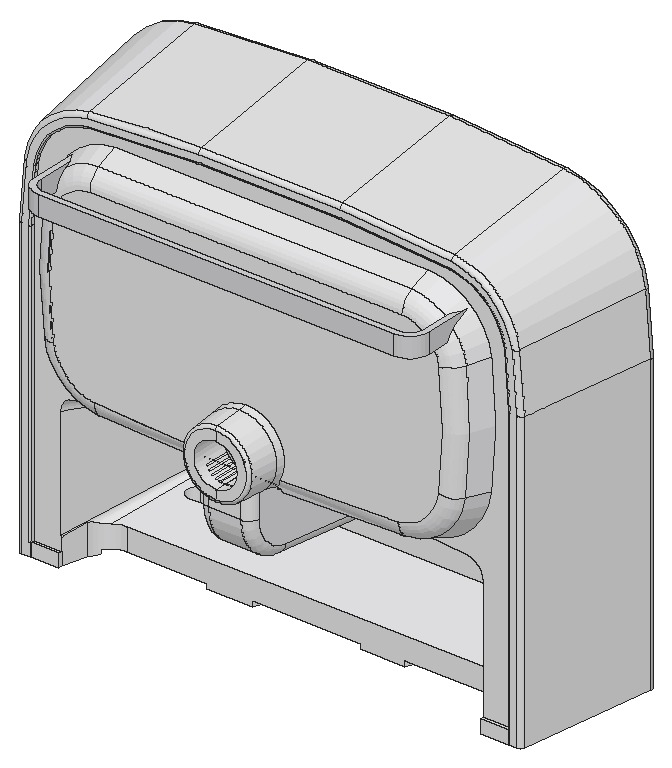
Revit family "Sink-Wall_Mount-Lavatory-KOHLER-MODERN_LIFE-K-77769K_1", category Plumbing Fixtures, host Face, Revit 2017 (continued)
Definition of nested family "K-77769K"
  Automatic sketch dimensions
    Masking region 1 sketch curve to Masking region 1 sketch curve = 0.87789"
    Masking region 1 sketch curve to Masking region 1 sketch curve = 0.02387"  (x2)
    Masking region 1 sketch curve to Masking region 1 sketch curve = 0.14636"
    Masking region 1 sketch curve to Masking region 1 sketch curve = 0.14624"
    Masking region 1 sketch curve to Masking region 1 sketch curve = 0.19645"  (x2)
    Masking region 1 sketch curve to Masking region 1 sketch curve = 0.21979"  (x2)
    Masking region 1 sketch curve to plane 4 = 0.19187"  (x2)
    Masking region 1 sketch curve to plane 4 = 222.28065"
    Masking region 1 sketch curve to Masking region 1 sketch curve = 0"  (x4)
    Masking region 1 sketch curve to plane 7 = 0.0562"
    Masking region 2 sketch curve to level = 0"
    plane 8 to Masking region 2 sketch curve = 0.00077"
    plane 13 to Masking region 2 sketch curve = 2.96494"
    plane 11 to Masking region 2 sketch curve = 0.21"  (x2)
    plane 13 to Masking region 2 sketch curve = 0.47355"
    Masking region 2 sketch curve to plane 13 = 1.52541"
    Masking region 2 sketch curve to plane 3 "Center (Left/Right)" = 0.04554"
    Masking region 2 sketch curve to plane 14 = 1.52541"
    plane 14 to Masking region 2 sketch curve = 0.47355"
    plane 14 to Masking region 2 sketch curve = 2.96494"
    plane 9 to Masking region 2 sketch curve = 0.00077"
    Masking region 2 sketch curve to level = 25.14588"
    Masking region 2 sketch curve to Masking region 2 sketch curve = 0"  (x5)
    Masking region 2 sketch curve to Masking region 2 sketch curve = 158.71075"
    plane 11 to Masking region 2 sketch curve = 1.91134"  (x2)
    plane 10 to Masking region 2 sketch curve = 0.0236"
    Masking region 2 sketch curve to plane 13 = 0.86956"
    Masking region 2 sketch curve to Masking region 2 sketch curve = 0.00002"
    Masking region 3 sketch curve to plane 1 "Center (Front/Back)" = 0"
    Masking region 3 sketch curve to level = 0"
    Masking region 3 sketch curve to plane 5 = 0"  (x2)
    Masking region 3 sketch curve to plane 4 = 0"
    Masking region 3 sketch curve to plane 1 "Center (Front/Back)" = 0.01894"
    Masking region 3 sketch curve to plane 1 "Center (Front/Back)" = 0.11116"
    Masking region 3 sketch curve to Masking region 3 sketch curve = 0.1225"
    Masking region 3 sketch curve to Masking region 3 sketch curve = 0.12987"
    Masking region 3 sketch curve to plane 1 "Center (Front/Back)" = 0.14709"
    plane 5 to Masking region 3 sketch curve = 1.19568"
    Masking region 3 sketch curve to Masking region 3 sketch curve = 0.03937"
    plane 5 to Masking region 3 sketch curve = 0.40508"
    plane 5 to Masking region 3 sketch curve = 0.29197"
    Masking region 3 sketch curve to Masking region 3 sketch curve = 0.03863"
    Masking region 3 sketch curve to plane 5 = 1/4"
    plane 4 to Masking region 3 sketch curve = 0.22674"
    Masking region 3 sketch curve to plane 4 = 0.70252"
    Masking region 3 sketch curve to plane 4 = 5.91961"
    Masking region 3 sketch curve to level = 8.43552"
    Masking region 3 sketch curve to Masking region 3 sketch curve = 4.16811"
    plane 12 to Masking region 3 sketch curve = 1.46894"
    Masking region 3 sketch curve to Masking region 3 sketch curve = 1.96597"
    Masking region 3 sketch curve to Masking region 3 sketch curve = 0.12224"
    Masking region 3 sketch curve to Masking region 3 sketch curve = 0.22311"
    Masking region 3 sketch curve to Masking region 3 sketch curve = 0.41292"
    Masking region 3 sketch curve to Masking region 3 sketch curve = 2.46547"
    Masking region 3 sketch curve to Masking region 3 sketch curve = 0.1274"
    plane 11 to Masking region 3 sketch curve = 2.40077"
    Masking region 3 sketch curve to Masking region 3 sketch curve = 0.64118"
    Masking region 3 sketch curve to Masking region 3 sketch curve = 0.7874"
    Masking region 3 sketch curve to Masking region 3 sketch curve = 0.30191"
    Masking region 3 sketch curve to Masking region 3 sketch curve = 0.91976"
    plane 10 to Masking region 3 sketch curve = 0.22605"
    Masking region 3 sketch curve to Masking region 3 sketch curve = 0"  (x2)
    Masking region 3 sketch curve to Masking region 3 sketch curve = 0.28081"
    Sweep 20 sketch curve to plane 3 "Center (Left/Right)" = 0"
    plane 3 "Center (Left/Right)" to Sweep 20 sketch curve = 0"
    plane 13 to Sweep 20 sketch curve = 1.89639"
    plane 13 to Sweep 20 sketch curve = 2.15573"
    Sweep 20 sketch curve to plane 11 = 0.6647"  (x2)
    plane 6 to Sweep 20 sketch curve = 1.18119"
    plane 14 to Sweep 20 sketch curve = 1.89639"
    plane 14 to Sweep 20 sketch curve = 2.15573"
    plane 7 to Sweep 20 sketch curve = 1.18119"
    Sweep 20 sketch curve to plane 11 = 2.73519"  (x2)
    Sweep 20 sketch curve to level = 141.7754"
    plane 11 to Sweep 20 sketch curve = 1.35517"  (x2)
    Sweep 20 sketch curve to plane 10 = 63.78247"
    plane 13 to Sweep 20 sketch curve = 2.22083"
    Sweep 20 sketch curve to Sweep 20 sketch curve = 0"  (x10)
    plane 10 to Sweep 20 sketch curve = 0.83779"
    Extrusion 21 sketch curve to plane 3 "Center (Left/Right)" = 0"
    plane 3 "Center (Left/Right)" to Extrusion 21 sketch curve = 0"
    plane 13 to Extrusion 21 sketch curve = 1.89639"
    plane 13 to Extrusion 21 sketch curve = 2.15573"
    Extrusion 21 sketch curve to plane 11 = 0.6647"  (x2)
    plane 6 to Extrusion 21 sketch curve = 1.18119"
    plane 14 to Extrusion 21 sketch curve = 1.89639"
    plane 14 to Extrusion 21 sketch curve = 2.15573"
    plane 7 to Extrusion 21 sketch curve = 1.18119"
    Extrusion 21 sketch curve to plane 11 = 2.73519"  (x2)
    Extrusion 21 sketch curve to level = 141.7754"
    plane 11 to Extrusion 21 sketch curve = 1.35517"  (x2)
    Extrusion 21 sketch curve to plane 10 = 63.78247"
    Extrusion 21 sketch curve to Extrusion 21 sketch curve = 0.1219"
    Extrusion 21 sketch curve to Extrusion 21 sketch curve = 0"  (x6)
    Extrusion 21 sketch curve to Extrusion 21 sketch curve = 0.04974"
    plane 5 to curve 3 = 0"
    curve 6 to plane 3 "Center (Left/Right)" = 0"
    curve 6 to plane 4 = 241.23025"
    curve 8 to plane 1 "Center (Front/Back)" = 0.02089"
    curve 8 to plane 3 "Center (Left/Right)" = 1.30287"
    curve 7 to plane 1 "Center (Front/Back)" = 0.25647"
    curve 7 to curve 8 = 0.06371"
    curve 6 to curve 7 = 0.34986"
    plane 5 to curve 2 = 0.8589"
    plane 6 to curve 2 = 2.36344"
    curve 1 to curve 2 = 0.23701"
    curve 3 to curve 1 = 0.76411"
    plane 3 "Center (Left/Right)" to curve 8 = 1.30287"
    curve 7 to plane 1 "Center (Front/Back)" = 0.25737"
    curve 8 to curve 7 = 0.06379"
    curve 7 to curve 6 = 0.34978"
    plane 5 to curve 4 = 0.85878"
    plane 7 to curve 4 = 2.36311"
    curve 4 to curve 5 = 0.23681"
    curve 5 to curve 3 = 0.76398"
    curve 2 to curve 1 = 0.14636"
    curve 4 to curve 5 = 0.04941"
    curve 7 to curve 6 = 1.15261"
    curve 1 to plane 5 = 0.03746"
    curve 11 to plane 5 = 0"
    plane 5 to curve 12 = 1.19568"
    curve 13 to plane 5 = 0.62152"
    plane 12 to curve 15 = 3.5966"
    curve 15 to curve 14 = 0.68918"
    curve 10 to curve 10 = 1.15631"
    curve 11 to curve 10 = 0.03937"
    curve 15 to plane 1 "Center (Front/Back)" = 0.13528"
    curve 9 to curve 13 = 1.10923"
    curve 15 to curve 15 = 0.34458"
    curve 12 to curve 12 = 2 1/2"
    plane 11 to curve 11 = 2.40077"
    curve 11 to curve 10 = 0.7874"
    curve 10 to curve 9 = 0.85655"
    profile plane to Sweep 2 sketch curve = 0.32211"
    Sweep 2 sketch curve to Sweep 2 sketch curve = 0.03118"
    Sweep 2 sketch curve to profile plane = 0.05905"
    Sweep 2 sketch curve to profile plane = 2.08978"
    Sweep 2 sketch curve to Sweep 2 sketch curve = 0.10255"
    Sweep 2 sketch curve to Sweep 2 sketch curve = 0.30478"
    Sweep 2 sketch curve to Sweep 2 sketch curve = 9.32427"
    Sweep 2 sketch curve to Sweep 2 sketch curve = 13.40085"
    Sweep 2 sketch curve to Sweep 2 sketch curve = 33.37058"
    Sweep 2 sketch curve to plane 1 "Center (Front/Back)" = 21.6526"
    Sweep 2 sketch curve to plane 1 "Center (Front/Back)" = 12.50362"
    Sweep 2 sketch curve to plane 1 "Center (Front/Back)" = 8.38781"
    Sweep 2 sketch curve to plane 1 "Center (Front/Back)" = 8.24598"
    Sweep 2 sketch curve to Sweep 2 sketch curve = 0.32921"
    Sweep 2 sketch curve to Sweep 2 sketch curve = 1.83271"
    Sweep 2 sketch curve to plane 1 "Center (Front/Back)" = 2.30472"
    Sweep 2 sketch curve to Sweep 2 sketch curve = 0.31106"
    Sweep 2 sketch curve to Sweep 2 sketch curve = 0.26887"
    Sweep 2 sketch curve to Sweep 2 sketch curve = 0.20647"
    Sweep 2 sketch curve to Sweep 2 sketch curve = 0.54842"
    plane 8 to Extrusion 24 sketch curve = 0"
    plane 3 "Center (Left/Right)" to Extrusion 24 sketch curve = 0"
    Extrusion 24 sketch curve to plane 9 = 0"
    Extrusion 24 sketch curve to level = 0"
    plane 13 to Extrusion 24 sketch curve = 2.94687"
    plane 11 to Extrusion 24 sketch curve = 7/128"  (x2)
    plane 13 to Extrusion 24 sketch curve = 0.93521"
    Extrusion 24 sketch curve to plane 13 = 1.78434"
    Extrusion 24 sketch curve to plane 14 = 1.78434"
    plane 14 to Extrusion 24 sketch curve = 0.93521"
    Extrusion 24 sketch curve to Extrusion 24 sketch curve = 2.01166"
    Extrusion 24 sketch curve to level = 27.57499"
    Extrusion 24 sketch curve to Extrusion 24 sketch curve = 0"  (x6)
    Extrusion 24 sketch curve to Extrusion 24 sketch curve = 161.96272"
    plane 11 to Extrusion 24 sketch curve = 1.90453"  (x2)
    plane 3 "Center (Left/Right)" to Blend 25 sketch curve = 0"  (x2)
    plane 14 to Blend 25 sketch curve = 2.15573"  (x2)
    Blend 25 sketch curve to level = 141.7754"  (x2)
    plane 11 to Blend 25 sketch curve = 1.35517"  (x3)
    plane 13 to Blend 25 sketch curve = 2.23071"
    Blend 25 sketch curve to Blend 25 sketch curve = 0.07498"
    Blend 25 sketch curve to Blend 25 sketch curve = 0"  (x14)
    plane 11 to Blend 25 sketch curve = 1.60762"
    Blend 25 sketch curve to plane 11 = 0.6647"  (x4)
    plane 7 to Blend 25 sketch curve = 1.98597"
    Blend 25 sketch curve to plane 3 "Center (Left/Right)" = 0"  (x2)
    plane 13 to Blend 25 sketch curve = 2.06984"
    plane 13 to Blend 25 sketch curve = 1.89639"  (x2)
    plane 6 to Blend 25 sketch curve = 1.98597"
    plane 6 to Blend 25 sketch curve = 1.97272"
    Blend 25 sketch curve to Blend 25 sketch curve = 2.11764"
    plane 10 to Blend 25 sketch curve = 0.6994"
    plane 13 to Blend 25 sketch curve = 2.31011"
    Blend 25 sketch curve to plane 7 = 0.00933"
    plane 7 to Blend 25 sketch curve = 0.00548"
    plane 14 to Blend 25 sketch curve = 1.89639"
    plane 14 to Blend 25 sketch curve = 2.23206"
    plane 13 to Blend 25 sketch curve = 2.23206"
    plane 6 to Blend 25 sketch curve = 0.00548"
    Blend 25 sketch curve to plane 6 = 0.00933"
    Extrusion 15 sketch curve to Extrusion 15 sketch curve = 0.54903"
    Extrusion 15 sketch curve to plane 1 "Center (Front/Back)" = 0.01894"
    Extrusion 15 sketch curve to Extrusion 15 sketch curve = 0.00026"  (x2)
    Extrusion 15 sketch curve to Extrusion 15 sketch curve = 0.00071"
    Extrusion 15 sketch curve to plane 1 "Center (Front/Back)" = 0.8136"
    plane 7 to Extrusion 15 sketch curve = 2.91665"
    Extrusion 15 sketch curve to plane 1 "Center (Front/Back)" = 0.0236"
    Extrusion 15 sketch curve to Extrusion 15 sketch curve = 0.00321"
    Extrusion 15 sketch curve to plane 1 "Center (Front/Back)" = 0.8044"
    Extrusion 15 sketch curve to Extrusion 15 sketch curve = 0.55"
    plane 5 to Extrusion 15 sketch curve = 0.01616"
    Extrusion 15 sketch curve to Extrusion 15 sketch curve = 0.00061"  (x2)
    Extrusion 15 sketch curve to plane 1 "Center (Front/Back)" = 0.81334"
    Extrusion 15 sketch curve to Extrusion 15 sketch curve = 0.23098"
    Revolve 26 sketch curve to plane 1 "Center (Front/Back)" = 0"  (x2)
    Revolve 26 sketch curve to plane 5 = 0.00742"
    Revolve 26 sketch curve to plane 11 = 3.98737"
    Revolve 26 sketch curve to Revolve 26 sketch curve = 1.55095"
    plane 1 "Center (Front/Back)" to Revolve 26 sketch curve = 1 1/4"
    Revolve 26 sketch curve to Revolve 26 sketch curve = 0"
    plane 1 "Center (Front/Back)" to Sweep 20 sketch curve = 10 7/16"
    plane 1 "Center (Front/Back)" to Sweep 20 sketch curve = 2.32538"
    profile plane to Sweep 20 sketch curve = 30.51942"
    profile plane to Sweep 20 sketch curve = 0.32211"
    Sweep 20 sketch curve to Sweep 20 sketch curve = 0.03118"
    Sweep 20 sketch curve to profile plane = 1.82551"
    Sweep 20 sketch curve to profile plane = 2.87817"
    Sweep 20 sketch curve to Sweep 20 sketch curve = 7.82301"
    Sweep 20 sketch curve to plane 1 "Center (Front/Back)" = 21.6526"
    Sweep 20 sketch curve to plane 1 "Center (Front/Back)" = 8.51657"
    Sweep 20 sketch curve to Sweep 20 sketch curve = 0.12876"
    Sweep 20 sketch curve to Sweep 20 sketch curve = 0.32921"
    Sweep 20 sketch curve to plane 1 "Center (Front/Back)" = 5.96454"
    Sweep 20 sketch curve to plane 1 "Center (Front/Back)" = 1.66166"
    Sweep 20 sketch curve to Sweep 20 sketch curve = 0.07937"
    curve 16 to curve 24 = 0"  (x2)
    curve 17 to curve 25 = 0"  (x2)
    curve 18 to curve 29 = 0"  (x2)
    curve 19 to curve 28 = 0"  (x2)
    curve 23 to curve 26 = 0"  (x2)
    curve 47 to curve 49 = 0"  (x2)
    curve 52 to curve 54 = 0"  (x2)
    curve 48 to plane 12 = 0"
    plane 13 to curve 48 = 0"
    curve 27 to plane 3 "Center (Left/Right)" = 0"
    plane 3 "Center (Left/Right)" to curve 24 = 0"
    curve 47 to plane 3 "Center (Left/Right)" = 0"
    curve 21 to plane 3 "Center (Left/Right)" = 0"
    curve 54 to plane 3 "Center (Left/Right)" = 0"
    curve 53 to plane 3 "Center (Left/Right)" = 0"
    curve 46 to plane 12 = 0"
    curve 46 to plane 14 = 0"
    curve 47 to plane 12 = 0"
    curve 54 to plane 17 = 0"
    plane 17 to curve 50 = 0.70411"
    plane 13 to curve 50 = 1 113/256"
    curve 20 to curve 50 = 0.45498"
    plane 13 to curve 29 = 2.15573"
    curve 23 to plane 11 = 0.6647"
    plane 6 to curve 23 = 1.18119"
    curve 37 to plane 3 "Center (Left/Right)" = 0.70984"
    curve 37 to curve 39 = 0.04653"
    curve 40 to curve 45 = 0.04971"
    curve 45 to curve 40 = 0.00029"
    curve 40 to curve 38 = 0.0636"
    curve 44 to plane 3 "Center (Left/Right)" = 0.37087"
    curve 41 to plane 3 "Center (Left/Right)" = 0.02417"
    curve 34 to plane 3 "Center (Left/Right)" = 0.00247"
    plane 3 "Center (Left/Right)" to curve 31 = 0.04064"
    plane 3 "Center (Left/Right)" to curve 32 = 0.2909"
    plane 3 "Center (Left/Right)" to curve 42 = 0.37087"
    plane 3 "Center (Left/Right)" to curve 35 = 0.59624"
    curve 35 to curve 33 = 0.06375"
    curve 33 to curve 43 = 0.00014"
    curve 35 to curve 36 = 0.06707"
    curve 36 to curve 30 = 0.04653"
    plane 17 to curve 51 = 0.70411"
    plane 14 to curve 51 = 1 113/256"
    curve 51 to curve 22 = 0.45498"
    plane 14 to curve 25 = 2.15573"
    plane 7 to curve 19 = 1.18119"
    level to curve 31 = 0.66325"
    curve 16 to level = 141.7754"
    plane 12 to curve 32 = 1.5057"
    curve 32 to curve 39 = 1.23387"
    curve 32 to curve 36 = 1.23387"
    curve 39 to curve 38 = 0.10885"
    curve 36 to curve 35 = 0.10885"
    curve 35 to curve 30 = 0.05342"
    curve 38 to curve 40 = 0.05915"
    curve 33 to curve 43 = 0.02361"
    curve 40 to curve 45 = 0.01787"
    curve 32 to curve 42 = 0.95516"
    curve 44 to curve 42 = 0"
    curve 53 to plane 17 = 0.00263"
    curve 50 to curve 20 = 0.54807"
    curve 51 to curve 22 = 0.54807"
    plane 17 to curve 34 = 1.47207"
    curve 28 to plane 11 = 0.6647"
    curve 41 to plane 11 = 0.29357"
    plane 11 to curve 18 = 1.35517"
    plane 11 to curve 17 = 1.35517"
    curve 27 to plane 10 = 62.90747"
    curve 27 to curve 21 = 7/8"
    plane 13 to curve 27 = 1.62947"
    curve 50 to curve 27 = 0"
    curve 24 to curve 18 = 0.07498"
    curve 29 to curve 24 = 0"
    curve 21 to curve 27 = 0.60258"
    curve 20 to curve 21 = 0"
    plane 10 to curve 18 = 0.6994"
    curve 16 to curve 18 = 0"
    curve 28 to curve 50 = 0"
    curve 19 to curve 20 = 0"
    curve 38 to curve 39 = 0"
    curve 45 to curve 40 = 0.00559"
    curve 45 to curve 40 = 0.00779"
    curve 44 to curve 45 = 0"
    curve 31 to curve 40 = 0"
    curve 38 to curve 34 = 0.06025"
    curve 34 to curve 38 = 0.00494"
    curve 38 to curve 41 = 0.15021"
    curve 41 to curve 44 = 0.00024"
    curve 41 to curve 35 = 0.14007"
    curve 42 to curve 41 = 0"
    curve 35 to curve 36 = 0.06519"
    curve 34 to curve 35 = 0"
    curve 51 to curve 27 = 0"
    curve 25 to curve 24 = 0"
    curve 22 to curve 21 = 0"
    curve 17 to curve 16 = 0"
    curve 26 to curve 51 = 0"
    curve 23 to curve 22 = 0"
    Extrusion 15 sketch curve to Extrusion 15 sketch curve = 0.23679"  (x2)
    plane 5 to Extrusion 15 sketch curve = 0.02126"
    plane 5 to Extrusion 15 sketch curve = 0.02134"
    Extrusion 15 sketch curve to plane 18 = 0.67763"
    plane 6 to Extrusion 15 sketch curve = 2.91344"
    Revolve 14 sketch curve to plane 17 = 0"  (x2)
    Revolve 14 sketch curve to plane 17 = 1/8"
    plane 1 "Center (Front/Back)" to Revolve 14 sketch curve = 1.37525"
    Revolve 14 sketch curve to Revolve 14 sketch curve = 0.16061"
    plane 17 to Revolve 14 sketch curve = 0.00702"
    Revolve 14 sketch curve to Revolve 14 sketch curve = 0"  (x3)
    Revolve 14 sketch curve to plane 18 = 0.01687"  (x2)
    plane 18 to Revolve 14 sketch curve = 0.03038"
    Revolve 14 sketch curve to Revolve 14 sketch curve = 0.16535"
    Revolve 14 sketch curve to Revolve 14 sketch curve = 0.0592"
    Revolve 14 sketch curve to Revolve 14 sketch curve = 0.07792"
    Revolve 14 sketch curve to Revolve 14 sketch curve = 0.18649"
    Revolve 14 sketch curve to Revolve 14 sketch curve = 0.29176"
    plane 17 to Revolve 14 sketch curve = 0.15723"
    Revolve 14 sketch curve to Revolve 14 sketch curve = 0.0251"
    Revolve 14 sketch curve to Revolve 14 sketch curve = 0.01328"
    Revolve 14 sketch curve to Revolve 14 sketch curve = 0.06227"
    Revolve 14 sketch curve to Revolve 14 sketch curve = 0.0559"
    Revolve 14 sketch curve to plane 17 = 0.11798"
    Revolve 14 sketch curve to Revolve 14 sketch curve = 0.04963"
    Revolve 14 sketch curve to Revolve 14 sketch curve = 0.03655"
    Revolve 14 sketch curve to Revolve 14 sketch curve = 0.3318"
    Revolve 14 sketch curve to Revolve 14 sketch curve = 0.40334"
    Revolve 14 sketch curve to Revolve 14 sketch curve = 0.04757"
    Revolve 14 sketch curve to Revolve 14 sketch curve = 0.17257"
    Revolve 14 sketch curve to Revolve 14 sketch curve = 0.07613"  (x2)
    Revolve 14 sketch curve to Revolve 14 sketch curve = 0.01548"
    Revolve 14 sketch curve to Revolve 14 sketch curve = 0.15957"
    Revolve 14 sketch curve to Revolve 14 sketch curve = 0.03262"
    Revolve 14 sketch curve to Revolve 14 sketch curve = 0.1607"
    Revolve 14 sketch curve to plane 5 = 0.25554"
    Revolve 13 sketch curve to plane 17 = 0"  (x2)
    plane 1 "Center (Front/Back)" to Revolve 13 sketch curve = 0.27671"
    plane 5 to Revolve 13 sketch curve = 0.07204"
    plane 17 to Revolve 13 sketch curve = 0.86187"
    Revolve 13 sketch curve to Revolve 13 sketch curve = 3/4"
    Revolve 13 sketch curve to Revolve 13 sketch curve = 0"
    radius of curve 46 = 0.69124"
    radius of curve 47 = 0.69"
    radius of curve 48 = 0.69124"
    radius of curve 49 = 0.69"
    radius of curve 52 = 1.55637"
    radius of curve 53 = 0.69"
    radius of curve 54 = 1 1/4"
    radius of Extrusion 22 sketch curve = 0.69"
    radius of Extrusion 23 sketch curve = 0.69124"  (x2)
Types (4): name | _8 | _1 | _0 | Type | Product Page URL | Model | Description
  (no name) | no | no | yes | 1 | "https://www.kohlerasiapacific.com/productDetails/77769K?skuid=77769K-0" | "K-77769K-0" | "Wall-hung Lavatory with Towel Bar"
  No Faucet Hole,0-White | no | no | yes | 1 | "https://www.kohlerasiapacific.com/productDetails/77769K?skuid=77769K-0" | "K-77769K-0" | "Wall-hung Lavatory with Towel Bar"
  Single Faucet Hole,0-White | no | yes | no | 2 | "https://www.kohlerasiapacific.com/productDetails/77769K-1?skuid=77769K-1-0" | "K-77769K-1-0" | "Wall-hung Lavatory with Towel Bar with single faucet hole"
  8” Widespread Faucet Holes,0-White | yes | no | no | 3 | "https://www.kohlerasiapacific.com/productDetails/77769K-8?skuid=77769K-8-0" | "K-77769K-8-0" | "Wall-hung Lavatory with Towel Bar 8” widespread faucet holes"
